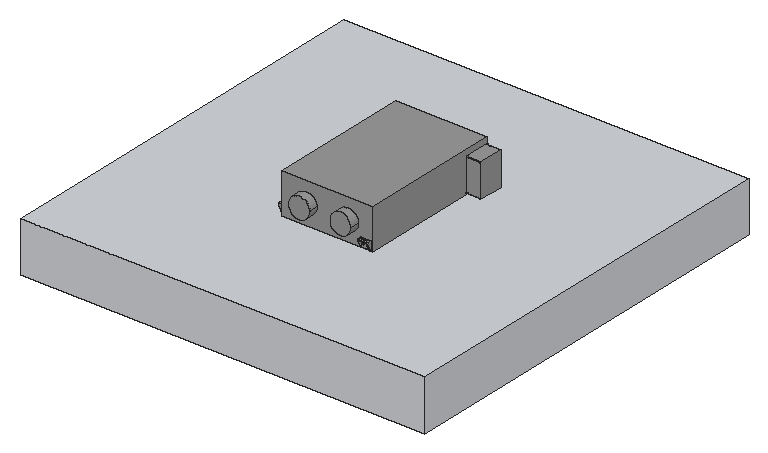
Revit family "Recuperador_Calor_BAXI_SILA_RCT-200", category Equipos mecánicos, Revit 2022
Family settings
  Anfitrión = Cara
  Cota de conector redondo = Diámetro de uso
  Tipo de pieza = Normal
  Número OmniClass = 23.75.70.00
  Título OmniClass = HVAC Distribution Devices
  Corte con vacíos al cargar = No
  Mantener orientación de anotación = No
  Compartido = No
  Punto de cálculo de habitación = No
Parameters (values of type "SILA RCT 200")
  Youtube clip = ""
  Weight Net (Kg) = 0
  Voltage (V) = 230 V
  Uniclass 2.0 Description = ""
  Uniclass 2.0 Code = ""
  Uniclass 1.4 Description = ""
  Uniclass 1.4 Code = ""
  UNSPSC Code = ""
  Typology of heating recovery system HRS = "Heat recovery"
  Thermal efficiency of heating recovery [%] = "87.8"
  Technical description = ""
  Stale air outlet to outside = "Stale air outlet to outside"  # constant formula
  Stale air intake from room = "Stale air intake from room"  # constant formula
  Sound Power level LWA ( at reference flow rate)  [dB(A)] = "43"
  SPI  (specific power input)  [W/(m3/h] = "0.3947"
  Reference flow rate = 114.0 m³/h
  QR code = ""
  Product group = ""
  Product family = ""
  Product data url = ""
  Product certification = ""
  Product SKU = ""
  Product Guid = ""
  Power consumption of motorfans at Qmax = 100 W
  Power Factor = 0
  Position and description of visual filter warning = "User Manual+display"
  Outlet to room flow = 0.0 m³/h
  Outlet to room connexion diameter = 125 mm
  Outlet to outside flow = 0.0 m³/h
  Outlet to outside connexion diameter = 125 mm
  OmniClass Description = ""
  OmniClass Code = ""
  Number of Poles = 1
  Nominal width = 0
  Nominal height = 0
  NBS Reference Description = ""
  NBS Reference Code = ""
  Modelo = "SILA RCT 200"  # constant formula
  Mixing rate = "N.A."
  Maximum internal leakage rates (only for bidir.units) [%] = "5.3"
  Maximum external  leakage rates [%] = "4.5"
  Max flow rate   (Qmax) = 163.0 m³/h
  Material secondary = ""
  Material main = ""
  Manufacturer name = ""
  Manufacturer country = ""
  Fabricante = "BAXI"  # constant formula
  Main Material = Metal BAXI
  Intake from room flow = 0.0 m³/h
  Intake from room connexion diameter = 125 mm
  Intake from outside flow = 0.0 m³/h
  Intake from outside connexion diameter = 125 mm
  Installation instructions = ""
  Indoor/outdoor air tightness [m3/h] = "N.A."
  IFC Classification = ""
  Fresh air intake from outside = "Fresh air intake from outside"  # constant formula
  Frequency (Hz) = 50 Hz
  Energy specific consumption  SEC  - (warm)   [kWh/m²a] = "-11.7"
  Energy specific consumption  SEC  - (cold)   [kWh/m²a] = "-74.7"
  Energy specific consumption  SEC  - (average)   [kWh/m²a] = "-36.3"
  Energy classification = "A"
  Edition number = 0
  EAN code = ""
  Drive type  (VM - VSD - N/A) = "VM"
  Difference of reference pressure = 50.0 Pa
  Design country = ""
  Default Elevation = 1219.2 mm
  Declared ventilation type = "UVR-B"
  Date of publishing = ""
  Control typology = "Amb. Central."
  Control factor CTRL = "0.85"
  Connector description = "Power supply"
  Clean air outlet inside the room = "Clean air outlet inside the room"  # constant formula
  COBIe Type Category = ""
  Apparent Load = 0 VA
  Annual electricity consumption (AEC) [kWh electricity/y] = "402"
  Airflow sensitivity to pressure variations at  ± 20 Pa = "N.A."
  Absorbed Power max (W) = 100 W
  Absorbed Current max (A) = 1 A
  AHS(warm)    Annual heating saved  [kWh primary energy/a] = "2067"
  AHS(cold)   Annual heating saved  [kWh primary energy/a] = "8940"
  AHS(average) Annual heating saved  [kWh primary energy/a] = "4570"
Reference planes
  plane 1 "Center (Front/Back)": y = 0
  plane 2: z = 0
  plane 3 "Center (Left/Right)": x = 0
Forms (mm)
  Extrusion 1, solid
    sketch origin (0, 0, 0) x (1, 0, 0) y (0, 1, 0)
      loop
        line (-1219.2, 1219.2) -> (-1219.2, -1219.2) -> (1219.2, -1219.2) -> (1219.2, 1219.2) -> (-1219.2, 1219.2)
    from 0 to -304.8
Dimensions and locks
  aligned and locked: plane 2 to Extrusion 1
  aligned and locked: level to Extrusion 1
  aligned and locked: level to nested 1
  aligned and locked: plane 3 "Center (Left/Right)" to nested 1
  aligned and locked: plane 1 "Center (Front/Back)" to nested 1
Nested families
  nested 1: "BAXI_SILA_RCT_200_geometry" at (0, -484.5, 120) x (1, 0, 0) z (0, 1, 0), type "BAXI_SILA_RCT_200_geometry"
Connectors
  electrical at (367.5, 343.4, 108.983), driven by "Voltage (V)", driven by "Connector description", driven by "Apparent Load", driven by "Power Factor", driven by "Number of Poles"
    settings: on nested 1, index 1, voltage 230 V, apparent load 0 VA, apparent load phase1 0 VA, apparent load phase2 0 VA, apparent load phase3 0 VA, power factor 0, load classification "Other", number of poles 1, system type 30, power factor state 1, is connector primary yes, connector utility no, sub classification motor no, connector description "Power supply"
  hvac at (-125.498, -484.5, 120), driven by "Intake from room connexion diameter", driven by "Stale air intake from room", driven by "Intake from room flow"
    settings: on nested 1, index 2, duct flow 0.0 m³/h, flow factor 0, pres drop 0.0 Pa, loss coef 0, conn angle 0.00°, conn width 304.8 mm, conn height 304.8 mm, conn diameter 125 mm, duct sys type 1, conn prof type 0, flow config 0, flow direction 1, loss method 0, conn ref index 4, conn util no, is conn primary yes, conn desc "Stale air intake from room"
  hvac at (124.568, -484.5, 120), driven by "Outlet to room connexion diameter", driven by "Clean air outlet inside the room", driven by "Outlet to room flow"
    settings: on nested 1, index 3, duct flow 0.0 m³/h, flow factor 0, pres drop 0.0 Pa, loss coef 0, conn angle 0.00°, conn width 304.8 mm, conn height 304.8 mm, conn diameter 125 mm, duct sys type 3, conn prof type 0, flow config 0, flow direction 2, loss method 0, conn ref index 5, conn util no, is conn primary no, conn desc "Clean air outlet inside the room"
  hvac at (124.568, 484.5, 120), driven by "Outlet to outside connexion diameter", driven by "Stale air outlet to outside", driven by "Outlet to outside flow"
    settings: on nested 1, index 4, duct flow 0.0 m³/h, flow factor 0, pres drop 0.0 Pa, loss coef 0, conn angle 0.00°, conn width 304.8 mm, conn height 304.8 mm, conn diameter 125 mm, duct sys type 3, conn prof type 0, flow config 0, flow direction 2, loss method 0, conn ref index 2, conn util no, is conn primary no, conn desc "Stale air outlet to outside"
  hvac at (-125.498, 484.5, 120), driven by "Intake from outside connexion diameter", driven by "Fresh air intake from outside", driven by "Intake from outside flow"
    settings: on nested 1, index 5, duct flow 0.0 m³/h, flow factor 0, pres drop 0.0 Pa, loss coef 0, conn angle 0.00°, conn width 304.8 mm, conn height 304.8 mm, conn diameter 125 mm, duct sys type 1, conn prof type 0, flow config 0, flow direction 1, loss method 0, conn ref index 3, conn util no, is conn primary no, conn desc "Fresh air intake from outside"
Definition of nested family "BAXI_SILA_RCT_200_geometry"
  Parameters (values of type "Vort_SILA_RCT_200_geometry")
    Main material 1 = none
    Default Elevation = 1219.2 mm
  Reference planes
    plane 1 "Center (Front/Back)": y = 0
    plane 2: z = 0
    plane 3 "Center (Left/Right)": x = 0
    plane 4: y = 120
    plane 5: y = -120
    plane 6: z = 969
    plane 7: z = 484.5
  Forms (mm)
    Extrusion 1, solid, material <- "Main material 1", detail levels medium+fine
      sketch origin (0, 0, 0) x (1, 0, 0) y (0, 1, 0)
        loop
          line (-275.5, 120) -> (-275.5, -120) -> (275.5, -120) -> (275.5, 120) -> (-275.5, 120)
      from 914.5 to 54.5
    Extrusion 2, solid, material <- "Main material 1", detail levels medium+fine
      sketch origin (0, 0, 0) x (1, 0, 0) y (0, 1, 0)
        loop
          circle (-125.498, 0) r 62.5
        loop
          circle (124.568, 0) r 62.5
      from 0 to 969
    Extrusion 3, solid, material <- "Main material 1", detail levels medium+fine
      sketch origin (0, 0, 0) x (0, 1, 0) y (0, 0, 1)
        loop
          line (-85.995, 750.9) -> (108.03, 750.9)
          arc (108.03, 750.9) -> (111.565, 752.365) -> (113.03, 755.9) r 5
          line (113.03, 755.9) -> (113.03, 899.9)
          arc (113.03, 899.9) -> (111.565, 903.436) -> (108.03, 904.9) r 5
          line (108.03, 904.9) -> (-85.995, 904.9)
          arc (-85.995, 904.9) -> (-89.531, 903.436) -> (-90.995, 899.9) r 5
          line (-90.995, 899.9) -> (-90.995, 755.9)
          arc (-90.995, 755.9) -> (-89.531, 752.365) -> (-85.995, 750.9) r 5
      from 275.5 to 367.5
    Extrusion 4, solid, material <- "Main material 1", detail levels coarse
      sketch origin (0, 0, 0) x (1, 0, 0) y (0, 1, 0)
        loop
          line (367.5, 120) -> (-304.8, 120) -> (-304.8, -120) -> (367.5, -120) -> (367.5, 120)
      from 0 to 969
  Cuts and joins
    joined: Extrusion 1, Extrusion 2
  Lines and regions (mm)
    Masking region 1, detail levels medium+fine
      outline origin (0, 0, 0) x (1, 0, 0) y (0, 1, 0)
        loop
          line (-275.5, 120) -> (-275.5, -120) -> (275.5, -120) -> (275.5, 120) -> (-275.5, 120)
    Masking region 2
      outline origin (0, 0, 0) x (1, 0, 0) y (0, 1, 0)
        loop
          circle (-125.498, 0) r 62.5
        loop
          circle (124.568, 0) r 62.5
    Masking region 3
      outline origin (0, 0, 0) x (0, 1, 0) y (0, 0, 1)
        loop
          line (120, 914.5) -> (-120, 914.5) -> (-120, 54.5) -> (120, 54.5) -> (120, 914.5)
    Masking region 4, detail levels medium+fine
      outline origin (0, 0, 0) x (0, 1, 0) y (0, 0, 1)
        loop
          arc (-85.995, 904.9) -> (-89.531, 903.436) -> (-90.995, 899.9) r 5
          line (-90.995, 899.9) -> (-90.995, 755.9)
          arc (-90.995, 755.9) -> (-89.531, 752.365) -> (-85.995, 750.9) r 5
          line (-85.995, 750.9) -> (108.03, 750.9)
          arc (108.03, 750.9) -> (111.565, 752.365) -> (113.03, 755.9) r 5
          line (113.03, 755.9) -> (113.03, 899.9)
          arc (113.03, 899.9) -> (111.565, 903.436) -> (108.03, 904.9) r 5
          line (108.03, 904.9) -> (-85.995, 904.9)
        loop
          line (62.5, 969) -> (-62.5, 969) -> (-62.5, 914.5) -> (62.5, 914.5) -> (62.5, 969)
        loop
          line (62.5, 0) -> (62.5, 54.5) -> (-62.5, 54.5) -> (-62.5, 0) -> (62.5, 0)
    Masking region 5, detail levels medium+fine
      outline origin (0, 0, 0) x (1, 0, 0) y (0, 0, 1)
        loop
          line (-275.5, 914.5) -> (-275.5, 54.5) -> (275.5, 54.5) -> (275.5, 914.5) -> (-275.5, 914.5)
    Masking region 6, detail levels medium+fine
      outline origin (0, 0, 0) x (1, 0, 0) y (0, 0, 1)
        loop
          line (-188.367, 969) -> (-188.367, 914.5) -> (-62.998, 914.5) -> (-62.998, 969) -> (-188.367, 969)
        loop
          line (62.068, 969) -> (62.068, 914.5) -> (187.068, 914.5) -> (187.068, 969) -> (62.068, 969)
        loop
          line (-187.998, 54.5) -> (-187.998, 0) -> (-62.998, 0) -> (-62.998, 54.5) -> (-187.998, 54.5)
        loop
          line (62.068, 54.5) -> (62.068, 0) -> (187.068, 0) -> (187.068, 54.5) -> (62.068, 54.5)
        loop
          line (367.5, 904.9) -> (275.5, 904.9) -> (275.5, 750.9) -> (367.5, 750.9) -> (367.5, 904.9)
        loop
          line (-275.5, 902.692) -> (-302.8, 902.692)
          arc (-302.8, 902.692) -> (-304.214, 902.106) -> (-304.8, 900.692) r 2
          line (-304.8, 900.692) -> (-304.8, 844.309)
          arc (-304.8, 844.309) -> (-304.214, 842.894) -> (-302.8, 842.309) r 2
          line (-302.8, 842.309) -> (-275.5, 842.309) -> (-275.5, 902.692)
        loop
          line (-275.5, 126.192) -> (-302.8, 126.192)
          arc (-302.8, 126.192) -> (-304.214, 125.606) -> (-304.8, 124.192) r 2
          line (-304.8, 124.192) -> (-304.8, 67.809)
          arc (-304.8, 67.809) -> (-304.214, 66.394) -> (-302.8, 65.809) r 2
          line (-302.8, 65.809) -> (-275.5, 65.809) -> (-275.5, 126.192)
        loop
          line (263.048, 943.8) -> (206.665, 943.8)
          arc (206.665, 943.8) -> (205.251, 943.214) -> (204.665, 941.8) r 2
          line (204.665, 941.8) -> (204.665, 914.5) -> (265.048, 914.5) -> (265.048, 941.8)
          arc (265.048, 941.8) -> (264.462, 943.214) -> (263.048, 943.8) r 2
        loop
          line (204.665, 54.5) -> (204.665, 27.2)
          arc (204.665, 27.2) -> (205.251, 25.786) -> (206.665, 25.2) r 2
          line (206.665, 25.2) -> (263.048, 25.2)
          arc (263.048, 25.2) -> (264.462, 25.786) -> (265.048, 27.2) r 2
          line (265.048, 27.2) -> (265.048, 54.5) -> (204.665, 54.5)
    Masking region 7, detail levels coarse
      outline origin (0, 0, 0) x (1, 0, 0) y (0, 0, 1)
        loop
          line (-304.8, 914.5) -> (-304.8, 54.5) -> (367.5, 54.5) -> (367.5, 914.5) -> (-304.8, 914.5)
    Masking region 8, detail levels coarse
      outline origin (0, 0, 0) x (1, 0, 0) y (0, 1, 0)
        loop
          line (-304.8, 120) -> (-304.8, -120) -> (367.5, -120) -> (367.5, 120) -> (-304.8, 120)
    Masking region 9, detail levels medium+fine
      outline origin (0, 0, 0) x (1, 0, 0) y (0, 1, 0)
        loop
          line (275.5, 113.03) -> (275.5, -90.995) -> (367.5, -90.995) -> (367.5, 113.03) -> (275.5, 113.03)
        loop
          line (-301.8, 75.356) -> (-301.8, 66.534) -> (-304.8, 66.534) -> (-304.8, 64.534) -> (-275.5, 64.534) -> (-275.5, 114.533) -> (-281.8, 114.533) -> (-301.8, 75.356)
    symbolic lines, detail levels coarse
      curve 1: line (-125.683, 0, 969) -> (-125.683, 0, 914.5)
      curve 2: line (124.568, 0, 969) -> (124.568, 0, 914.5)
      curve 3: line (124.568, 0, 54.5) -> (124.568, 0, 0)
      curve 4: line (-125.498, 0, 54.5) -> (-125.498, 0, 0)
      curve 5: line (0, 0, 0) -> (0, 0, 54.5)
      curve 6: line (0, 0, 914.5) -> (0, 0, 969)
  Dimensions and locks
    locked: plane 6 to level at 969
    equal spacing: plane 6, plane 7, level
    aligned and locked: level to plane 2
  Automatic sketch dimensions
    curve 1 to plane 6 = 0 mm
    curve 4 to level = 0 mm
    curve 3 to level = 0 mm
    curve 2 to plane 6 = 0 mm
    plane 6 to curve 1 = 54.5 mm
    curve 1 to plane 3 "Center (Left/Right)" = 125.683 mm
    level to curve 4 = 54.5 mm
    curve 4 to plane 3 "Center (Left/Right)" = 125.498 mm
    plane 3 "Center (Left/Right)" to curve 3 = 124.568 mm
    plane 6 to curve 2 = 54.5 mm
    plane 3 "Center (Left/Right)" to curve 2 = 124.568 mm
    level to curve 3 = 54.5 mm
    plane 5 to Extrusion 1 sketch curve = 0 mm
    plane 4 to Extrusion 1 sketch curve = 0 mm
    Extrusion 1 sketch curve to plane 3 "Center (Left/Right)" = 275.5 mm
    plane 3 "Center (Left/Right)" to Extrusion 1 sketch curve = 275.5 mm
    plane 1 "Center (Front/Back)" to Extrusion 2 sketch curve = 0 mm  (x2)
    Extrusion 2 sketch curve to plane 3 "Center (Left/Right)" = 125.498 mm
    plane 3 "Center (Left/Right)" to Extrusion 2 sketch curve = 124.568 mm
    Extrusion 3 sketch curve to plane 5 = 29.005 mm
    Extrusion 3 sketch curve to Extrusion 3 sketch curve = 5 mm  (x3)
    plane 4 to Extrusion 3 sketch curve = 11.97 mm  (x2)
    plane 6 to Extrusion 3 sketch curve = 218.1 mm
    plane 6 to Extrusion 3 sketch curve = 69.1 mm
    plane 4 to Extrusion 4 sketch curve = 0 mm
    plane 5 to Extrusion 4 sketch curve = 0 mm
    Extrusion 4 sketch curve to plane 3 "Center (Left/Right)" = 304.8 mm
    plane 3 "Center (Left/Right)" to Extrusion 4 sketch curve = 367.5 mm
    plane 5 to Masking region 1 sketch curve = 0 mm
    plane 4 to Masking region 1 sketch curve = 0 mm
    Masking region 1 sketch curve to plane 3 "Center (Left/Right)" = 275.5 mm
    plane 3 "Center (Left/Right)" to Masking region 1 sketch curve = 275.5 mm
    plane 1 "Center (Front/Back)" to Masking region 2 sketch curve = 0 mm  (x2)
    Masking region 2 sketch curve to plane 3 "Center (Left/Right)" = 125.498 mm
    plane 3 "Center (Left/Right)" to Masking region 2 sketch curve = 124.568 mm
    Masking region 2 sketch curve to Masking region 2 sketch curve = 62.5 mm
    plane 3 "Center (Left/Right)" to Masking region 2 sketch curve = 62.068 mm
    Masking region 3 sketch curve to plane 5 = 0 mm
    Masking region 3 sketch curve to plane 4 = 0 mm
    level to Masking region 3 sketch curve = 54.5 mm
    plane 6 to Masking region 3 sketch curve = 54.5 mm
    Masking region 4 sketch curve to level = 0 mm
    plane 6 to Masking region 4 sketch curve = 0 mm
    Masking region 4 sketch curve to plane 5 = 29.005 mm
    Masking region 4 sketch curve to Masking region 4 sketch curve = 5 mm  (x3)
    Masking region 4 sketch curve to plane 5 = 57.5 mm  (x2)
    plane 4 to Masking region 4 sketch curve = 57.5 mm  (x2)
    plane 4 to Masking region 4 sketch curve = 11.97 mm  (x2)
    level to Masking region 4 sketch curve = 54.5 mm
    plane 6 to Masking region 4 sketch curve = 218.1 mm
    plane 6 to Masking region 4 sketch curve = 69.1 mm
    Masking region 4 sketch curve to Masking region 4 sketch curve = 9.6 mm
    level to Masking region 5 sketch curve = 54.5 mm
    Masking region 5 sketch curve to plane 3 "Center (Left/Right)" = 275.5 mm
    plane 3 "Center (Left/Right)" to Masking region 5 sketch curve = 275.5 mm
    plane 6 to Masking region 5 sketch curve = 54.5 mm
    Masking region 6 sketch curve to plane 6 = 0 mm  (x2)
    Masking region 6 sketch curve to level = 0 mm  (x2)
    Masking region 6 sketch curve to plane 3 "Center (Left/Right)" = 304.8 mm  (x2)
    plane 6 to Masking region 6 sketch curve = 68.308 mm
    Masking region 6 sketch curve to Masking region 6 sketch curve = 2 mm  (x8)
    Masking region 6 sketch curve to Masking region 6 sketch curve = 27.3 mm  (x3)
    Masking region 6 sketch curve to Masking region 6 sketch curve = 87.133 mm
    Masking region 6 sketch curve to Masking region 6 sketch curve = 87.502 mm
    Masking region 6 sketch curve to plane 3 "Center (Left/Right)" = 62.998 mm  (x2)
    plane 3 "Center (Left/Right)" to Masking region 6 sketch curve = 62.068 mm  (x2)
    Masking region 6 sketch curve to Masking region 6 sketch curve = 125 mm  (x2)
    Masking region 6 sketch curve to Masking region 6 sketch curve = 17.597 mm  (x2)
    level to Masking region 6 sketch curve = 25.2 mm
    Masking region 6 sketch curve to Masking region 6 sketch curve = 56.383 mm  (x3)
    Masking region 6 sketch curve to Masking region 6 sketch curve = 10.452 mm
    Masking region 6 sketch curve to Masking region 6 sketch curve = 92 mm
    level to Masking region 6 sketch curve = 54.5 mm  (x2)
    level to Masking region 6 sketch curve = 65.809 mm
    plane 6 to Masking region 6 sketch curve = 218.1 mm
    Masking region 6 sketch curve to Masking region 6 sketch curve = 60.383 mm
    plane 6 to Masking region 6 sketch curve = 64.1 mm
    Masking region 6 sketch curve to Masking region 6 sketch curve = 54.5 mm  (x2)
    Masking region 6 sketch curve to Masking region 6 sketch curve = 0 mm
    plane 6 to Masking region 6 sketch curve = 27.2 mm
    curve 5 to plane 1 "Center (Front/Back)" = 0 mm
    curve 6 to plane 1 "Center (Front/Back)" = 0 mm
    curve 5 to level = 0 mm
    plane 6 to curve 6 = 0 mm
    level to curve 5 = 54.5 mm
    curve 6 to curve 6 = 54.5 mm
    level to Masking region 7 sketch curve = 54.5 mm
    plane 6 to Masking region 7 sketch curve = 54.5 mm
    Masking region 7 sketch curve to plane 3 "Center (Left/Right)" = 304.8 mm
    plane 3 "Center (Left/Right)" to Masking region 7 sketch curve = 367.5 mm
    plane 5 to Masking region 8 sketch curve = 0 mm
    plane 4 to Masking region 8 sketch curve = 0 mm
    Masking region 8 sketch curve to plane 3 "Center (Left/Right)" = 304.8 mm
    plane 3 "Center (Left/Right)" to Masking region 8 sketch curve = 367.5 mm
    Masking region 9 sketch curve to plane 5 = 29.005 mm
    plane 3 "Center (Left/Right)" to Masking region 9 sketch curve = 275.5 mm
    Masking region 9 sketch curve to Masking region 9 sketch curve = 92 mm
    plane 4 to Masking region 9 sketch curve = 6.97 mm
    plane 4 to Masking region 9 sketch curve = 44.644 mm
    Masking region 9 sketch curve to plane 3 "Center (Left/Right)" = 301.8 mm
    Masking region 9 sketch curve to Masking region 9 sketch curve = 20 mm
    Masking region 9 sketch curve to Masking region 9 sketch curve = 8.822 mm
    Masking region 9 sketch curve to Masking region 9 sketch curve = 23 mm
    Masking region 9 sketch curve to Masking region 9 sketch curve = 2 mm
    plane 4 to Masking region 9 sketch curve = 5.467 mm
    Masking region 9 sketch curve to Masking region 9 sketch curve = 6.3 mm
    radius of Extrusion 2 sketch curve = 62.5 mm  (x2)
  Nested families
    nested 1: "Family7" at (204.665, 65.842, 914.5), type "Family7", detail levels fine
    nested 2: "Family7" at (-275.5, 64.534, 842.309) x (0, 0, 1) z (-1, 0, 0), type "Family7", detail levels fine
    nested 3: "Family7" at (-275.5, 64.534, 65.809) x (0, 0, 1) z (-1, 0, 0), type "Family7", detail levels fine
    nested 4: "Family7" at (204.665, 65.842, 54.5) x (1, 0, 0) z (0, 0, -1), type "Family7", detail levels fine
  Definition of nested family "Family7"
    Parameters (values of type "Family7")
      Material = none
      Default Elevation = 1219.2 mm
    Reference planes
      plane 1 "Center (Front/Back)": y = 0
      plane 2: z = 0
      plane 3 "Center (Left/Right)": x = 0
    Forms (mm)
      Extrusion 1, solid, material <- "Material"
        sketch origin (-204.862, -65.638, -914.5) x (0, 1, 0) y (0, 0, 1)
          loop
            line (115.638, 914.5) -> (115.638, 916.531) -> (68.651, 916.531)
            arc (68.651, 916.531) -> (67.935, 916.828) -> (67.638, 917.544) r 1.013
            line (67.638, 917.544) -> (67.638, 943.8) -> (65.638, 943.8) -> (65.638, 916.987)
            arc (65.638, 916.987) -> (66.366, 915.228) -> (68.125, 914.5) r 2.487
            line (68.125, 914.5) -> (115.638, 914.5)
        from 204.862 to 265.245
      Extrusion 2, solid, material <- "Material"
        sketch origin (-204.862, -65.638, -914.5) x (0, 1, 0) y (0, 0, 1)
          loop
            arc (76.889, 940.581) -> (76.447, 940.745) -> (75.979, 940.8) r 2
            line (75.979, 940.8) -> (67.638, 940.8) -> (67.638, 917.544)
            arc (67.638, 917.544) -> (67.935, 916.828) -> (68.651, 916.531) r 1.013
            line (68.651, 916.531) -> (115.638, 916.531) -> (115.638, 920.188)
            arc (115.638, 920.188) -> (115.491, 920.71) -> (115.092, 921.078) r 1
            line (115.092, 921.078) -> (76.889, 940.581)
        from 207 to 204.862
      Extrusion 3, solid, material <- "Material"
        sketch origin (265.245, -65.638, -914.5) x (0, 1, 0) y (0, 0, -1)
          loop
            line (76.889, -940.581) -> (115.092, -921.078)
            arc (115.092, -921.078) -> (115.491, -920.71) -> (115.638, -920.188) r 1
            line (115.638, -920.188) -> (115.638, -916.531) -> (68.651, -916.531)
            arc (68.651, -916.531) -> (67.935, -916.828) -> (67.638, -917.544) r 1.013
            line (67.638, -917.544) -> (67.638, -940.8) -> (75.979, -940.8)
            arc (75.979, -940.8) -> (76.447, -940.745) -> (76.889, -940.581) r 2
        from 207 to 204.862
      Extrusion 4, void
        sketch origin (-204.862, -65.638, -914.5) x (1, 0, 0) y (0, 0, 1)
          loop
            line (242.57, 934.8) -> (227.526, 934.8)
            arc (227.526, 934.8) -> (222.526, 929.8) -> (227.526, 924.8) r 5
            line (227.526, 924.8) -> (242.57, 924.8)
            arc (242.57, 924.8) -> (247.57, 929.8) -> (242.57, 934.8) r 5
          loop
            line (265.245, 943.8) -> (263.245, 943.8)
            arc (263.245, 943.8) -> (264.659, 943.214) -> (265.245, 941.8) r 2
            line (265.245, 941.8) -> (265.245, 943.8)
          loop
            line (204.862, 943.8) -> (204.862, 941.8)
            arc (204.862, 941.8) -> (205.447, 943.214) -> (206.862, 943.8) r 2
            line (206.862, 943.8) -> (204.862, 943.8)
        from -67.638 to -65.638
      Extrusion 5, solid, material <- "Material"
        sketch origin (-204.862, -65.638, -914.5) x (1, 0, 0) y (0, 1, 0)
          loop
            line (224.889, 98.308) -> (219.112, 98.106) -> (216.398, 93.002) -> (219.461, 88.1) -> (225.239, 88.301) -> (227.953, 93.406) -> (224.889, 98.308)
          loop
            line (245.217, 98.308) -> (242.154, 93.406) -> (244.867, 88.301) -> (250.645, 88.1) -> (253.708, 93.002) -> (250.994, 98.106) -> (245.217, 98.308)
        from 916.369 to 920.967
    Cuts and joins
      Extrusion 4 cuts Extrusion 1
      joined: Extrusion 1, Extrusion 2, Extrusion 3, Extrusion 5
    Dimensions and locks
      aligned and locked: level to plane 2
